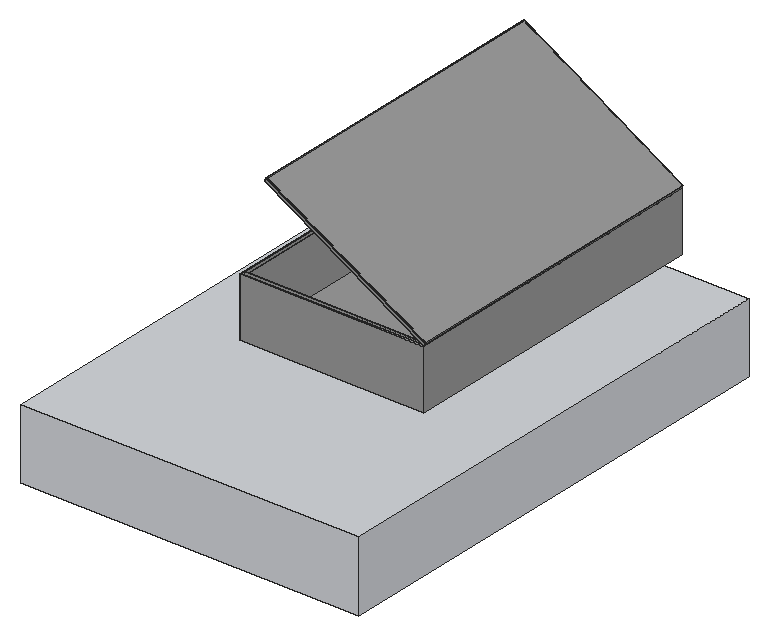
Revit family "Hager-Univers-IP55-D275-H1400-Cl.I-Steel_encl-CH-it", category Equipement électrique, Revit 2020
Family settings
  Hôte = Face
  Configuration du panneau = Deux colonnes, circuits au sein
  Cote de connecteur circulaire = Utiliser le diamètre
  Type d'élément = Tableau de raccordement
  Couper avec des vides une fois chargée = Non
  Partagée = Non
  Point de calcul de pièce = Non
Parameters (values of type "A parete IP55 L800 A1400 P275  - FR93E")
  Width Control [instance] = if([EF000008 - Larghezza] > Min Width, [EF000008 - Larghezza], Min Width)  # 800 mm
  Commentaires du type = [HG000003 - Gamma]  # "Univers"
  Thickness Door [instance] = if([EF009171 - spessore materiale porta/coperchio] > 3 mm, 3 mm, [EF009171 - spessore materiale porta/coperchio])  # 1.5 mm
  Seal Frame Offset [instance] = 17 mm  # constant formula
  Plinth Visibility [instance] = [HG000027 - Altezza dello zoccolo] > 0 mm  # no
  Model = ""
  Min Width [instance] = 100 mm  # constant formula
  Min Height [instance] = 100 mm  # constant formula
  Min Depth [instance] = (2 * [EF009170 - spessore materiale scatola]) + 1 mm  # 4 mm
  Internal Frame Depth [instance] = (Door System Depth * 0.5)  # 9 mm
  Height Control [instance] = if([EF000040 - Altezza] > Min Height, [EF000040 - Altezza], Min Height)  # 1400 mm
  HG000027 - Altezza dello zoccolo = 0 mm
  HG000026 - A pavimento = no
  HG000024 - Altezza della sezione inferiore = 800 mm
  HG000023 - Custodia a doppia sezione = no
  HG000016 - Visibilità delle porte nella vista 3D [instance] = yes
  HG000015 - Visibilità attraverso la porta [instance] = no
  HG000014 - Porta destra [instance] = yes
  HG000013 - Porta sinistra [instance] = not([HG000014 - Porta destra])  # no
  HG000012 - Angolo di apertura della porta [instance] = 30.00°
  HG000010 - Porte asimmetriche = no
  HG000009 - Porta doppia a battente = no
  HG000006 - Ad incasso = no
  HG000004 - Codice produttore = "FR93E"
  HG000003 - Gamma = "Univers"
  HG000002 - Con porta = yes
  Frame Offset Bottom [instance] = 10 mm  # constant formula
  Frame Offset [instance] = 15 mm  # constant formula
  EF015940 - Coprire con rilascio di sovrapressione = no
  EF011959 - tipo di protezione (NEMA) = ""
  EF009554 - numero delle aperture per la piastra della flangia = 6
  Fabricant = "Hager"  # constant formula
  EF009212 - esecuzione coperchio = "EV000116 - chiuso"
  EF009171 - spessore materiale porta/coperchio = 1.5 mm
  EF009170 - spessore materiale scatola = 1.5 mm
  EF008873 - corrente nominale (In) = 800 A
  EF007800 - adatto per parafulmine = no
  EF006306 - con serratura = no
  EF006244 - coperchio/porta trasparente = no
  EF005474 - grado di protezione (IP) = "EV006420 - IP55"
  EF004464 - tipo di porta = "EV002646 - singolo"
  EF004427 - numero di moduli = 324
  EF004293 - resistenza agli urti = "EV008784 - IK10"
  EF003532 - adatto per uso esterno = no
  EF002950 - Numero moduli DIN = 24
  EF001613 - Integrità del circuito = "EV000494 - senza"
  EF001596 - Attacco Lampada = "EV000179 - acciaio"
  EF001131 - profondità interna = 275 mm
  EF001088 - possibilità di applicazione = yes
  EF000437 - numero di ingressi per conduttori = 6
  EF000339 - tipo di copertura = "EV004216 - porta"
  EF000266 - numero di file = 9
  EF000218 - profondità di incasso = 0 mm
  EF000118 - con piastra di montaggio = no
  EF000116 - numero RAL = "7035"
  EF000049 - profondità = 275 mm
  EF000040 - Altezza = 1400 mm
  EF000008 - Larghezza = 800 mm
  EF000007 - colore = "EV000270 - grigio"
  EF000003 - Tipo di montaggio = "EV000384 - A parete"
  Door System Leaf Tolerance [instance] = 1.5 mm  # constant formula
  Door System Depth [instance] = 18 mm  # constant formula
  Door Height [instance] = Height Control - [HG000027 - Altezza dello zoccolo]  # 1400 mm
  Depth Control [instance] = if([EF000049 - profondità] > Min Depth, [EF000049 - profondità], Min Depth)  # 275 mm
  Default Elevation = 0 mm
  Connector Offset [instance] = Height Control / 2  # 700 mm
  Bottom Top Plate Trim [instance] = 1.5 mm  # constant formula
  Plinth height Ctrl [instance] = if([HG000027 - Altezza dello zoccolo] > 0 mm, [HG000027 - Altezza dello zoccolo], 12 mm)  # 12 mm
Types (5, lengths in mm): name | Width Control | HG000010 - Porte asimmetriche | HG000009 - Porta doppia a battente | HG000004 - Codice produttore | EF009554 - numero delle aperture per la piastra della flangia | EF004464 - tipo di porta | EF004427 - numero di moduli | EF000437 - numero di ingressi per conduttori | EF000008 - Larghezza
  A parete IP55 L1050 A1400 P275  - FR94E | 1050 | no | yes | "FR94E" | 8 | "EV003602 - doppio" | 432 | 8 | 1050
  A parete IP55 L1300 A1400 P275  - FR95E | 1300 | yes | yes | "FR95E" | 10 | "EV003602 - doppio" | 540 | 10 | 1300
  A parete IP55 L300 A1400 P275  - FR91E | 300 | no | no | "FR91E" | 2 | "EV002646 - singolo" | 108 | 2 | 300
  A parete IP55 L550 A1400 P275  - FR92E | 550 | no | no | "FR92E" | 4 | "EV002646 - singolo" | 216 | 4 | 550
  A parete IP55 L800 A1400 P275  - FR93E | 800 | no | no | "FR93E" | 6 | "EV002646 - singolo" | 324 | 6 | 800
Reference planes
  plane 1 "Center (Front/Back)": y = 0
  plane 2: z = 0
  plane 3 "Center (Left/Right)": x = 0
  plane 4: z = 275
  plane 5: y = 1.5
  plane 6: y = 700
  plane 7: y = 0
  plane 8: y = 1400
  plane 9: z = 0
  plane 10: x = -385
  plane 11: x = 385
  plane 12: x = 383.5
  plane 13: x = -383.5
  plane 14: y = 1398.5
  plane 15: x = -383
  plane 16: x = -400
  plane 17: x = 383
  plane 18: x = 400
  plane 19: x = 398.5
  plane 20: x = -398.5
  plane 21: y = 11.5
  plane 22: y = 1400
  plane 23: y = 1383.5
  plane 24: z = 257
  plane 25: z = 1.5
  plane 26: z = 255.5
  plane 27: z = 273.5
Forms (mm)
  Extrusion 1, solid
    sketch origin (0, 0, 0) x (1, 0, 0) y (0, 1, 0)
      loop
        line (-702.964, 1305) -> (-702.964, -811.445) -> (766.763, -811.445) -> (766.763, 1305) -> (-702.964, 1305)
    from 0 to -304.8
  Extrusion 2, solid, material "Hager_Steel_RAL7035_Light_Grey", visible <- "Plinth Visibility", detail levels medium+fine
    sketch origin (0, 0, 0) x (1, 0, 0) y (0, 1, 0)
      loop
        line (-400, 0) -> (400, 0) -> (400, 12) -> (-400, 12) -> (-400, 0)
    from 0 to 257
  Extrusion 3, solid, material "Hager_Steel_RAL7035_Light_Grey", detail levels medium+fine
    sketch origin (0, 0, 0) x (1, 0, 0) y (0, 1, 0)
      loop
        line (-400, 0) -> (400, 0) -> (400, 1400) -> (-400, 1400) -> (-400, 0)
    from 0 to 257
  Extrusion 4, void
    sketch origin (0, 0, 0) x (1, 0, 0) y (0, 1, 0)
      loop
        line (-398.5, 1.5) -> (398.5, 1.5) -> (398.5, 1398.5) -> (-398.5, 1398.5) -> (-398.5, 1.5)
    from 1.5 to 255.5
  Extrusion 5, void
    sketch origin (-381.607, -4572, 257) x (0, -1, 0) y (-1, 0, 0)
      loop
        line (-4583.5, 1.893) -> (-5955.5, 1.893) -> (-5955.5, -765.107) -> (-4583.5, -765.107) -> (-4583.5, 1.893)
    from 0 to 1.5 <- "EF009170 - spessore materiale scatola"
  Extrusion 6, solid, material "Hager_Steel_RAL7035_Light_Grey", detail levels fine
    sketch origin (0, 0, 257) x (1, 0, 0) y (0, 1, 0)
      loop
        line (-383.5, 1383.5) -> (-383.5, 11.5) -> (383.5, 11.5) -> (383.5, 1383.5) -> (-383.5, 1383.5)
      loop
        line (-385, 10) -> (385, 10) -> (385, 1385) -> (-385, 1385) -> (-385, 10)
    from 0 to 9 <- "Internal Frame Depth"
  Extrusion 7, solid, material "Hager_Steel_RAL7035_Light_Grey", detail levels coarse
    sketch origin (0, 0, 0) x (1, 0, 0) y (0, 1, 0)
      loop
        line (-400, 0) -> (400, 0) -> (400, 1400) -> (-400, 1400) -> (-400, 0)
    from 0 to 275
  Sweep 8, void
    path in 3D
      loop
        line (-400, 12, 0) -> (400, 12, 0) -> (400, 12, 257) -> (-400, 12, 257) -> (-400, 12, 0)
    profile origin (-400, 12, 128.5) x (-1, 0, 0) y (0, -1, 0)
      loop
        line (0, 0) -> (0, 1.5) -> (-1.5, 1.5)
        arc (-1.5, 1.5) -> (-1.061, 0.439) -> (0, 0) r 1.5
Cuts and joins
  Extrusion 4, Extrusion 5 cuts Extrusion 3
  Sweep 8 cuts Extrusion 2
Lines and regions (mm)
  Masking region 1
    outline origin (0, 0, 0) x (1, 0, 0) y (0, 0, 1)
      loop
        line (-400, 275) -> (-400, 0) -> (400, 0) -> (400, 275) -> (-400, 275)
  Masking region 2, detail levels medium+fine
    outline origin (0, 140, 0) x (0, 1, 0) y (0, 0, 1)
      loop
        line (-140, 0) -> (1260, 0) -> (1260, 257) -> (-140, 257) -> (-140, 0)
  Masking region 3, not visible, detail levels medium+fine
    outline origin (0, 297.922, 0) x (0, 1, 0) y (0, 0, 1)
      loop
        line (413.578, 0) -> (453.578, 0) -> (453.578, 263.5)
        arc (453.578, 263.5) -> (450.649, 270.571) -> (443.578, 273.5) r 10
        line (443.578, 273.5) -> (413.578, 273.5) -> (413.578, 0)
  Masking region 4, detail levels coarse
    outline origin (0, 0, 180) x (0, 1, 0) y (0, 0, 1)
      loop
        line (0, -180) -> (1400, -180) -> (1400, 95) -> (0, 95) -> (0, -180)
  Masking region 5, visible <- "Plinth Visibility", detail levels medium+fine
    outline origin (0, 52.24, 12.345) x (0, 0, -1) y (0, 1, 0)
      loop
        line (10.845, -40.24) -> (-243.155, -40.24)
        arc (-243.155, -40.24) -> (-243.594, -41.301) -> (-244.655, -41.74) r 1.5
        line (-244.655, -41.74) -> (-244.655, -52.24) -> (12.345, -52.24) -> (12.345, -41.74)
        arc (12.345, -41.74) -> (11.285, -41.301) -> (10.845, -40.24) r 1.5
  Masking region 6, detail levels medium+fine
    outline origin (-381.607, -4572, 257) x (-1, 0, 0) y (0, -1, 0)
      loop
        line (18.393, -5972) -> (18.393, -4572) -> (-781.607, -4572) -> (-781.607, -5972) -> (18.393, -5972)
  Masking region 7, visible <- "Plinth Visibility", detail levels medium+fine
    outline origin (-381.607, -4727, 257) x (-1, 0, 0) y (0, -1, 0)
      loop
        arc (16.893, -4739) -> (17.332, -4737.939) -> (18.393, -4737.5) r 1.5
        line (18.393, -4737.5) -> (18.393, -4727) -> (-781.607, -4727) -> (-781.607, -4737.5)
        arc (-781.607, -4737.5) -> (-780.546, -4737.939) -> (-780.107, -4739) r 1.5
        line (-780.107, -4739) -> (16.893, -4739)
  Masking region 8, detail levels coarse
    outline origin (-442.548, -4669.526, 257) x (-1, 0, 0) y (0, -1, 0)
      loop
        line (-42.548, -6069.526) -> (-42.548, -4669.526) -> (-842.548, -4669.526) -> (-842.548, -6069.526) -> (-42.548, -6069.526)
  sketch lines
    curve 1: line (-400, 12, 257) -> (-400, 12, 0)
    curve 2: line (400, 12, 257) -> (-400, 12, 257)
    curve 3: line (400, 12, 257) -> (400, 12, 0)
    curve 4: line (-400, 12, 0) -> (400, 12, 0)
Dimensions and locks
  "Depth Control": plane 4 to Extrusion 1
  "HG000027 - Altezza dello zoccolo": plane 1 "Center (Front/Back)" to plane 7
  "EF009170 - spessore materiale scatola": plane 5 to plane 7
  locked: connector elem to plane 3 "Center (Left/Right)"
  equal spacing: plane 8, plane 6, plane 7
  locked: connector elem to plane 6
  "EF009170 - spessore materiale scatola": plane 8 to plane 14
  "EF009170 - spessore materiale scatola": plane 10 to plane 13
  "EF009170 - spessore materiale scatola": plane 12 to plane 11
  "Frame Offset": plane 20 to plane 13
  "Frame Offset": plane 12 to plane 19
  "EF009170 - spessore materiale scatola": plane 16 to plane 20
  "EF009170 - spessore materiale scatola": plane 19 to plane 18
  "Seal Frame Offset": plane 16 to plane 15
  "Seal Frame Offset": plane 17 to plane 18
  "Frame Offset Bottom": plane 21 to plane 5
  "Frame Offset": plane 14 to plane 23
  equal spacing: plane 16, plane 3 "Center (Left/Right)", plane 18
  "Width Control": plane 16 to plane 18
  "EF009170 - spessore materiale scatola": plane 4 to plane 27
  "EF009170 - spessore materiale scatola": plane 24 to plane 26
  "EF009170 - spessore materiale scatola": plane 25 to level
  "Door System Depth": plane 4 to plane 24
  "Height Control": plane 1 "Center (Front/Back)" to Extrusion 7 sketch curve
  "Height Control": Masking region 4 sketch curve to plane 1 "Center (Front/Back)"
  "Height Control": plane 1 "Center (Front/Back)" to plane 22
  "Bottom Top Plate Trim": profile plane to Sweep 8 sketch curve
  "Bottom Top Plate Trim": Sweep 8 sketch curve to profile plane
  "Plinth height Ctrl": plane 1 "Center (Front/Back)" to Extrusion 2 sketch curve
  "Plinth height Ctrl": Masking region 5 sketch curve to plane 1 "Center (Front/Back)"
  "Plinth height Ctrl": plane 1 "Center (Front/Back)" to Masking region 7 sketch curve
  "Thickness Door": Extrusion 6 sketch curve to Extrusion 6 sketch curve  (x3)
  "Thickness Door": cut or joined group of Extrusion 3, Extrusion 4, Extrusion 5 to Extrusion 6 sketch curve
  radius of Masking region 3 sketch curve = 10 mm
  "Bottom Top Plate Trim": radius of Masking region 5 sketch curve  (x2)
  "Bottom Top Plate Trim": radius of Sweep 8 sketch curve
  "Bottom Top Plate Trim": radius of Masking region 7 sketch curve  (x2)
  aligned and locked: plane 2 to Extrusion 1
  aligned and locked: level to Extrusion 1
  aligned and locked: level to Masking region 1 sketch curve
  aligned and locked: Masking region 1 sketch curve to plane 18
  aligned and locked: Masking region 1 sketch curve to plane 16
  aligned and locked: plane 7 to Masking region 2 sketch curve
  aligned and locked: level to Masking region 3 sketch curve
  aligned and locked: Masking region 3 sketch curve to plane 27
  aligned and locked: level to Masking region 2 sketch curve
  aligned and locked: plane 1 "Center (Front/Back)" to Extrusion 2 sketch curve
  aligned and locked: Extrusion 3 sketch curve to plane 7
  aligned and locked: plane 16 to Extrusion 3 sketch curve
  aligned and locked: plane 18 to Extrusion 3 sketch curve
  aligned and locked: plane 20 to Extrusion 4 sketch curve
  aligned and locked: plane 19 to Extrusion 4 sketch curve
  aligned and locked: Extrusion 4 sketch curve to plane 5
  aligned and locked: Extrusion 4 to plane 25
  aligned and locked: plane 26 to Extrusion 4
  aligned and locked: plane 24 to Extrusion 3
  aligned and locked: Extrusion 5 sketch curve to plane 21
  aligned and locked: Extrusion 5 sketch curve to plane 13
  aligned and locked: Extrusion 5 sketch curve to plane 12
  aligned and locked: plane 18 to Extrusion 7 sketch curve
  aligned and locked: plane 1 "Center (Front/Back)" to Extrusion 7 sketch curve
  aligned and locked: plane 16 to Extrusion 7 sketch curve
  aligned and locked: plane 4 to Extrusion 7
  aligned and locked: Extrusion 7 to level
  aligned and locked: level to Masking region 4 sketch curve
  aligned and locked: Masking region 4 sketch curve to plane 1 "Center (Front/Back)"
  aligned and locked: Masking region 4 sketch curve to plane 4
  aligned and locked: nested 1 to level
  aligned and locked: nested 1 to plane 16
  aligned and locked: plane 8 to Extrusion 3 sketch curve
  aligned and locked: plane 23 to Extrusion 5 sketch curve
  aligned and locked: plane 14 to Extrusion 4 sketch curve
  aligned and locked: Masking region 2 sketch curve to plane 8
  aligned and locked: level to Masking region 5 sketch curve
  aligned and locked: plane 16 to Extrusion 2 sketch curve
  aligned and locked: plane 18 to Extrusion 2 sketch curve
  aligned and locked: Masking region 5 sketch curve to plane 24
  aligned and locked: Masking region 2 sketch curve to plane 24
  aligned and locked: plane 24 to Extrusion 2
  aligned and locked: profile plane to Sweep 8 sketch curve  (x2)
  aligned and locked: Masking region 6 sketch curve to plane 18
  aligned and locked: Masking region 6 sketch curve to plane 22
  aligned and locked: Masking region 6 sketch curve to plane 16
  aligned and locked: plane 8 to plane 22
  aligned and locked: Masking region 6 sketch curve to plane 7
  aligned and locked: Masking region 7 sketch curve to plane 16
  aligned and locked: Masking region 7 sketch curve to plane 1 "Center (Front/Back)"
  aligned and locked: Masking region 7 sketch curve to plane 18
  aligned and locked: Masking region 8 sketch curve to plane 1 "Center (Front/Back)"
  aligned and locked: Masking region 8 sketch curve to plane 18
  aligned and locked: Masking region 8 sketch curve to plane 22
  aligned and locked: Masking region 8 sketch curve to plane 16
  aligned and locked: nested 2 to plane 7
  aligned and locked: plane 3 "Center (Left/Right)" to nested 2
  aligned and locked: nested 2 to plane 24
  aligned and locked: Extrusion 6 sketch curve to cut or joined group of Extrusion 3, Extrusion 4, Extrusion 5  (x4)
Automatic sketch dimensions
  Extrusion 1 sketch curve to Extrusion 1 sketch curve = 1469.727 mm
  Extrusion 1 sketch curve to Extrusion 1 sketch curve = 2116.445 mm
  Masking region 1 sketch curve to plane 4 = 0 mm
  plane 6 to Masking region 3 sketch curve = 11.5 mm
  Masking region 3 sketch curve to Masking region 3 sketch curve = 30 mm
  Masking region 5 sketch curve to plane 1 "Center (Front/Back)" = 0 mm
Nested families
  nested 1: "Hager_Enclosure_Symbol" at (-400, 0, 0) x (1, 0, 0) z (0, -1, 0), Height <- "Depth Control", Width <- "Width Control", type "Hager_Enclosure_Symbol"
    with Width_Ctrl 800 mm, Width 800 mm, Height_Ctrl 275 mm, Height 275 mm, A_Width_Int 18.047 mm, A_Width 216.562 mm, A_Height_Ctrl 240.625 mm, A_Height 240.625 mm
  nested 2: "EC000058_Univers_Door" at (0, 0, 257) x (1, 0, 0) z (0, 1, 0), Leaf_Tolerance <- "Door System Leaf Tolerance", Angle <- "HG000012 - Angolo di apertura della porta", Door_Depth <- "Door System Depth", Door_Left <- "HG000013 - Porta sinistra", Transparent <- "EF006244 - coperchio/porta trasparente", Assymetrical <- "HG000010 - Porte asimmetriche", Width <- "Width Control", Clearance <- "HG000015 - Visibilità attraverso la porta", Double <- "HG000009 - Porta doppia a battente", 3d_Door <- "HG000016 - Visibilità delle porte nella vista 3D", Lock_Visibility <- "EF006306 - con serratura", Width_Ctrl <- "Width Control", Door_Right <- "HG000014 - Porta destra", Door <- "HG000002 - Con porta", Height <- "Door Height", Thickness <- "Thickness Door", type "EC000058_Univers_Door", detail levels medium+fine
    with min_wh 4 mm, Width_Ctrl 800 mm, Width 800 mm, Transparent no, Thickness 1.5 mm, Seal_Material Hager_Rubber, Lock_Visibility no, Lock_Material Hager_Plastic_RAL9005_Jet_Black, Leaf_Width 800 mm, Leaf_Tolerance_External_Sides 0 mm, Leaf_Tolerance 1.5 mm, Leaf_Offset 0 mm, Leaf_Height 1397 mm, Leaf_2_Width 800 mm, Leaf_2_Offset 400 mm, Leaf_1_Width 800 mm, Leaf_1_Offset 400 mm, Height_Ctrl 1400 mm, Height 1400 mm, Glass_Material Hager_Glass, Double_Clearance_Ctrl no, Double no, Door_Right_Ctrl yes, Door_Right yes, Door_Material Hager_Steel_RAL7035_Light_Grey, Door_Left_Ctrl no, Door_Left no, Door_Depth 18 mm, Door yes, Clearance_Material Hager_Clearance, Clearance_Depth 800 mm, Clearance_Ctrl no, Clearance no, Assymetrical no, Angle 30.00°, 3d_Door yes
Connectors
  electrical at (0, 700, 0)
    settings: on plane 9, index 1, voltage 0 V, apparent load 0 VA, apparent load phase1 0 VA, apparent load phase2 0 VA, apparent load phase3 0 VA, power factor 1, load classification "Other", number of poles 1, system type 30, power factor state 1, is connector primary yes, connector utility no, sub classification motor no, connector description ""
Definition of nested family "EC000058_Univers_Door"
  Parameters (values of type "EC000058_Univers_Door")
    min_wh [instance] = (2 * Thickness) + 1 mm  # 11 mm
    Width_Ctrl [instance] = 400 mm
    Width [instance] = 500 mm
    Transparent [instance] = yes
    Thickness [instance] = 5 mm
    Seal_Material [instance] = none
    Lock_Visibility [instance] = yes
    Lock_Material [instance] = none
    Leaf_Width [instance] = if((Width_Ctrl - 2 * Leaf_Tolerance_External_Sides) > 0 mm, (Width_Ctrl - 2 * Leaf_Tolerance_External_Sides), min_wh)  # 400 mm
    Leaf_Tolerance_External_Sides [instance] = 0 mm  # constant formula
    Leaf_Tolerance [instance] = 1.5 mm
    Leaf_Offset [instance] = 0 mm  # constant formula
    Leaf_Height [instance] = if((Height_Ctrl - 2 * Leaf_Tolerance) > 0 mm, (Height_Ctrl - 2 * Leaf_Tolerance), min_wh)  # 497 mm
    Leaf_2_Width [instance] = if(and(and(Double, Assymetrical), Door_Left), (Leaf_Width / 3) - (Leaf_Tolerance / 2), if(and(and(Double, Assymetrical), Door_Right), (Leaf_Width / 3) * 2 - (Leaf_Tolerance / 2), if(and(Double, not(Assymetrical)), (Leaf_Width / 2) - Leaf_Tolerance, Leaf_Width)))  # 400 mm
    Leaf_2_Offset [instance] = if(and(Double, Assymetrical), Leaf_2_Width / 2, if(and(Double, not(Assymetrical)), Leaf_Width / 4, Leaf_Width / 2))  # 200 mm
    Leaf_1_Width [instance] = if(and(and(Double, Assymetrical), Door_Right), (Leaf_Width / 3) - (Leaf_Tolerance / 2), if(and(and(Double, Assymetrical), Door_Left), (Width / 3) * 2 - (Leaf_Tolerance / 2), if(and(Double, not(Assymetrical)), (Leaf_Width / 2) - Leaf_Tolerance, Leaf_Width)))  # 400 mm
    Leaf_1_Offset [instance] = if(and(Double, Assymetrical), Leaf_1_Width / 2, if(and(Double, not(Assymetrical)), Leaf_Width / 4, Leaf_Width / 2))  # 200 mm
    Height_Ctrl [instance] = if(Height > min_wh, Height, min_wh)  # 500 mm
    Height [instance] = 500 mm
    Glass_Material [instance] = none
    Double_Clearance_Ctrl [instance] = and(Double, Clearance)  # no
    Double [instance] = no
    Door_Right_Ctrl [instance] = and(or(Door_Right, Double), Door)  # yes
    Door_Right [instance] = yes
    Door_Material [instance] = none
    Door_Left_Ctrl [instance] = and(or(Door_Left, Double), Door)  # no
    Door_Left [instance] = no
    Door_Depth [instance] = 30 mm
    Door [instance] = yes
    Default Elevation = 1219.2 mm
    Clearance_Material [instance] = none
    Clearance_Depth [instance] = if(Leaf_1_Width > Leaf_2_Width, Leaf_1_Width, Leaf_2_Width)  # 400 mm
    Clearance_Ctrl [instance] = and(not(Double), Clearance)  # yes
    Clearance [instance] = yes
    Assymetrical [instance] = yes
    Angle [instance] = 30.00°
    3d_Door [instance] = yes
  Reference planes
    plane 1 "Center (Front/Back)": y = 0
    plane 2 "Bottom": z = 0
    plane 3 "Center (Left/Right)": x = 0
    plane 4: z = 500
    plane 5: x = -200
    plane 6: x = 200
    plane 7: z = 500
    plane 8: x = -200
    plane 9: z = 0
    plane 10: x = 200
    plane 11: y = 0
    plane 12: z = 1.5
    plane 13: x = -600
    plane 14: y = -400
    plane 15: x = 600
    plane 16: x = 0
    plane 17: x = 0
    plane 18: x = -200
    plane 19: x = 200
    plane 20: z = 498.5
  Forms (mm)
    Extrusion 1, solid, material <- "Clearance_Material", visible <- "Double_Clearance_Ctrl"
      sketch origin (1200, 0, 0) x (1, 0, 0) y (0, 0, -1)
        loop
          line (-1800, -498.5) -> (-600, -498.5) -> (-600, 0) -> (-1800, 0) -> (-1800, -498.5)
      from 0 to -400
  Dimensions and locks
    equal spacing: plane 5, plane 3 "Center (Left/Right)", plane 6
    "Width_Ctrl": plane 5 to plane 6
    "Leaf_Offset": plane 5 to plane 8
    "Leaf_Offset": plane 6 to plane 10
    "Leaf_Offset": plane 9 to level
    "Leaf_Offset": plane 4 to plane 7
    "Height_Ctrl": plane 4 to level
    "Leaf_Tolerance": plane 12 to plane 9
    locked: plane 11 to plane 1 "Center (Front/Back)"
    "Leaf_1_Offset": plane 18 to plane 16
    "Leaf_2_Offset": plane 17 to plane 19
    "Leaf_1_Width": plane 13 to plane 8
    "Leaf_2_Width": plane 10 to plane 15
    "Clearance_Depth": plane 14 to plane 1 "Center (Front/Back)"
    "Leaf_Tolerance_External_Sides": plane 8 to plane 18
    "Leaf_Tolerance_External_Sides": plane 19 to plane 10
    "Leaf_Tolerance": plane 7 to plane 20
    aligned and locked: level to plane 2 "Bottom"
    aligned and locked: nested 1 to plane 16
    aligned and locked: nested 2 to plane 17
    aligned and locked: Extrusion 1 to plane 13
    aligned and locked: plane 15 to Extrusion 1
    aligned and locked: Extrusion 1 to plane 14
    aligned and locked: plane 12 to nested 1
    aligned and locked: nested 2 to plane 12
    aligned and locked: Extrusion 1 to plane 11
    aligned and locked: plane 20 to Extrusion 1
    aligned and locked: nested 2 to plane 11
    aligned and locked: nested 1 to plane 11
  Automatic sketch dimensions
    Extrusion 1 sketch curve to level = 0 mm
    plane 5 to Extrusion 1 sketch curve = 400 mm
    plane 6 to Extrusion 1 sketch curve = 400 mm
    Extrusion 1 sketch curve to plane 4 = 1.5 mm
  Nested families
    nested 1: "EC000058_Univers_Door_Leaf" at (0, 0, 1.5), Width <- "Leaf_1_Width", visible <- "Door_Left_Ctrl", Leaf_Height <- "Leaf_Height", Angle <- "Angle", 3d_Door <- "3d_Door", Transparent <- "Transparent", Clearance Material <- "Clearance_Material", Clearance <- "Clearance_Ctrl", Door_Material <- "Door_Material", Glass_Material <- "Glass_Material", Door_Depth <- "Door_Depth", Lock_Material <- "Lock_Material", Seal_Material <- "Seal_Material", Lock_Visibility <- "Lock_Visibility", Thickness <- "Thickness", type "EC000058_Univers_Door_Leaf"
      with Width 400 mm, Transparent_Glass_Offset 30 mm, Transparent_Ctrl yes, Transparent yes, Thickness 5 mm, Standard no, Seal_Material none, Seal_D2 8 mm, Seal_D1 1 mm, Offset_Internal_Frame 10 mm, Lock_Width 20 mm, Lock_Visibility_3d yes, Lock_Visibility yes, Lock_Thickness_3 3 mm, Lock_Thickness_2 1 mm, Lock_Thickness_1 3 mm, Lock_Radius_Offset_2 16 mm, Lock_Radius_Offset_1 15 mm, Lock_Radius_2 5 mm, Lock_Radius 6 mm, Lock_Offset 5 mm, Lock_Material none, Lock_Height 80 mm, Lock_Cover_Top_Offset_2d 17 mm, Lock_Cover_Height -65 mm, Leaf_Height 497 mm, Internal_Seal_Thickness 8 mm, Internal_Seal_Depth_2 4.5 mm, Internal_Frame_Depth 25 mm, Glass_Thickness -1 mm, Glass_Offset -2 mm, Glass_Material none, Door_Material none, Door_Depth 30 mm, Clearance Material none, Clearance yes, Angle_Ctrl 30.00°, Angle 30.00°, 3d_Door yes
    nested 2: "EC000058_Univers_Door_Leaf" at (0, 0, 1.5) x (-1, 0, 0) z (0, 0, 1), Width <- "Leaf_2_Width", visible <- "Door_Right_Ctrl", Leaf_Height <- "Leaf_Height", Angle <- "Angle", 3d_Door <- "3d_Door", Transparent <- "Transparent", Clearance Material <- "Clearance_Material", Clearance <- "Clearance_Ctrl", Door_Material <- "Door_Material", Glass_Material <- "Glass_Material", Door_Depth <- "Door_Depth", Lock_Material <- "Lock_Material", Seal_Material <- "Seal_Material", Lock_Visibility <- "Lock_Visibility", Thickness <- "Thickness", type "EC000058_Univers_Door_Leaf"
      with Width 400 mm, Transparent_Glass_Offset 30 mm, Transparent_Ctrl yes, Transparent yes, Thickness 5 mm, Standard no, Seal_Material none, Seal_D2 8 mm, Seal_D1 1 mm, Offset_Internal_Frame 10 mm, Lock_Width 20 mm, Lock_Visibility_3d yes, Lock_Visibility yes, Lock_Thickness_3 3 mm, Lock_Thickness_2 1 mm, Lock_Thickness_1 3 mm, Lock_Radius_Offset_2 16 mm, Lock_Radius_Offset_1 15 mm, Lock_Radius_2 5 mm, Lock_Radius 6 mm, Lock_Offset 5 mm, Lock_Material none, Lock_Height 80 mm, Lock_Cover_Top_Offset_2d 17 mm, Lock_Cover_Height -65 mm, Leaf_Height 497 mm, Internal_Seal_Thickness 8 mm, Internal_Seal_Depth_2 4.5 mm, Internal_Frame_Depth 25 mm, Glass_Thickness -1 mm, Glass_Offset -2 mm, Glass_Material none, Door_Material none, Door_Depth 30 mm, Clearance Material none, Clearance yes, Angle_Ctrl 30.00°, Angle 30.00°, 3d_Door yes
  Definition of nested family "EC000058_Univers_Door_Leaf"
    Parameters (values of type "EC000058_Univers_Door_Leaf")
      Width [instance] = 2000 mm
      Transparent_Glass_Offset [instance] = 30 mm
      Transparent_Ctrl [instance] = and(Transparent, [3d_Door])  # yes
      Transparent [instance] = yes
      Thickness [instance] = 5 mm
      Standard [instance] = and(not(Transparent), [3d_Door])  # no
      Seal_Material [instance] = none
      Seal_D2 [instance] = 8 mm  # constant formula
      Seal_D1 [instance] = 1 mm  # constant formula
      Offset_Internal_Frame [instance] = 10 mm  # constant formula
      Lock_Width [instance] = 20 mm  # constant formula
      Lock_Visibility_3d [instance] = and(Lock_Visibility, [3d_Door])  # yes
      Lock_Visibility [instance] = yes
      Lock_Thickness_3 [instance] = 3 mm  # constant formula
      Lock_Thickness_2 [instance] = 1 mm  # constant formula
      Lock_Thickness_1 [instance] = 3 mm  # constant formula
      Lock_Radius_Offset_2 [instance] = Lock_Radius_Offset_1 + 1 mm  # 16 mm
      Lock_Radius_Offset_1 [instance] = 15 mm  # constant formula
      Lock_Radius_2 [instance] = Lock_Radius - 1 mm  # 5 mm
      Lock_Radius [instance] = 6 mm  # constant formula
      Lock_Offset [instance] = 5 mm  # constant formula
      Lock_Material [instance] = none
      Lock_Height [instance] = 80 mm  # constant formula
      Lock_Cover_Top_Offset_2d [instance] = Lock_Radius_Offset_2 + 1 mm  # 17 mm
      Lock_Cover_Height [instance] = -(Lock_Height - Lock_Radius_Offset_1)  # -65 mm
      Leaf_Height [instance] = 2720.336 mm
      Internal_Seal_Thickness [instance] = 8 mm  # constant formula
      Internal_Seal_Depth_2 [instance] = 4.5 mm  # constant formula
      Internal_Frame_Depth [instance] = if(Door_Depth - Thickness > 5 mm, Door_Depth - Thickness, 5 mm)  # 25 mm
      Glass_Thickness [instance] = if(Thickness > 15 mm, Glass_Offset + 10 mm, -1 mm)  # -1 mm
      Glass_Offset [instance] = if(Thickness > 15 mm, -(Thickness + 10 mm) / 2, -2 mm)  # -2 mm
      Glass_Material [instance] = none
      Door_Material [instance] = none
      Door_Depth [instance] = 30 mm
      Default Elevation = 0 mm
      Clearance Material [instance] = none
      Clearance [instance] = yes
      Angle_Ctrl [instance] = if(Angle > 180.00°, 180.00°, Angle)  # 90.00°
      Angle [instance] = 90.00°
      3d_Door [instance] = yes
    Reference planes
      plane 1 "Center (Front/Back)": y = 0
      plane 2: z = 0
      plane 3 "Center (Left/Right)": x = 0
      plane 4: y = 2000
      plane 5: x = -1000
      plane 6: x = 1000
      plane 7: x = -3000
      plane 8: z = 2720.336
      plane 9: z = 30
      plane 10: z = 2690.336
      plane 11: x = 970
      plane 12: x = -970
      plane 13: y = -3
      plane 14: z = 107.833
      plane 15: y = -5
      plane 16: y = -223.314
      plane 17: x = -1000
      plane 18: z = 1360.168
      plane 19: y = 30
    Forms (mm)
      Extrusion 1, solid, material <- "Clearance Material", visible <- "Clearance"
        sketch origin (0, 0, 0) x (1, 0, 0) y (0, 0, 1)
          loop
            line (-3000, 2720.336) -> (-3000, 0) -> (1000, 0) -> (1000, 2720.336) -> (-3000, 2720.336)
        from 0 to -2000
      Extrusion 2, solid, material <- "Door_Material", visible <- "Standard", detail levels medium+fine
        sketch origin (-1000, 0, 0) x (0, 1, 0) y (-1, 0, 0)
          loop
            line (0, 30) -> (0, 25) -> (2000, 25) -> (2000, 30) -> (0, 30)
        from 0 to 2720.336 <- "Leaf_Height"
      Extrusion 3, solid, material <- "Door_Material", visible <- "Transparent_Ctrl", detail levels medium+fine
        sketch origin (-1000, 0, 0) x (0, 1, 0) y (-1, 0, 0)
          loop
            line (0, 25) -> (2000, 25) -> (2000, 30) -> (0, 30) -> (0, 25)
        from 0 to 2720.336 <- "Leaf_Height"
      Extrusion 4, void
        sketch origin (-1025, 2000, 0) x (0, 1, 0) y (0, 0, -1)
          loop
            line (-30, -2690.336) -> (-30, -30) -> (-1970, -30) -> (-1970, -2690.336) -> (-30, -2690.336)
        from 0 to 5 <- "Thickness"
      Sweep 5, solid, material <- "Seal_Material", visible <- "Transparent_Ctrl", detail levels fine
        path in 3D
          loop
            line (-1025, 30, 30) -> (-1025, 30, 2690.336) -> (-1025, 1970, 2690.336) -> (-1025, 1970, 30) -> (-1025, 30, 30)
        profile origin (-1025, 1000, 30) x (1, 0, 0) y (0, 0, 1)
          loop
            line (0, 0) -> (0, -8) -> (1, -8) -> (1, 0) -> (0, 0)
      Extrusion 6, solid, material <- "Glass_Material", visible <- "Transparent_Ctrl", detail levels medium+fine
        sketch origin (-1030, 0, 0) x (0, 1, 0) y (0, 0, -1)
          loop
            line (1970, -2690.336) -> (1970, -30) -> (30, -30) -> (30, -2690.336) -> (1970, -2690.336)
        from -2 <- "Glass_Offset" to -1 <- "Glass_Thickness"
      Extrusion 7, solid, material <- "Door_Material", visible <- "3d_Door", detail levels medium+fine
        sketch origin (-1025, 2000, 0) x (0, -1, 0) y (0, 0, -1)
          loop
            line (0, -2720.336) -> (2000, -2720.336) -> (2000, 0) -> (0, 0) -> (0, -2720.336)
          loop
            line (1995, -5) -> (5, -5) -> (5, -2715.336) -> (1995, -2715.336) -> (1995, -5)
        from 0 to 25 <- "Internal_Frame_Depth"
      Sweep 8, solid, material <- "Seal_Material", visible <- "Transparent_Ctrl", detail levels fine
        path in 3D
          loop
            line (-1025, 0, 0) -> (-1025, 2000, 0) -> (-1025, 2000, 2720.336) -> (-1025, 0, 2720.336) -> (-1025, 0, 0)
        profile origin (-1025, 0, 1360.168) x (1, 0, 0) y (0, 1, 0)
          loop
            line (0, 10) -> (2.975, 10)
            arc (2.975, 10) -> (4.053, 10.447) -> (4.5, 11.525) r 1.525
            line (4.5, 11.525) -> (4.5, 16.527)
            arc (4.5, 16.527) -> (4.069, 17.569) -> (3.027, 18) r 1.473
            line (3.027, 18) -> (0, 18) -> (0, 10)
      Extrusion 9, solid, material <- "Lock_Material", visible <- "Lock_Visibility_3d", detail levels fine
        sketch origin (-1030, 0, 0) x (0, 1, 0) y (0, 0, -1)
          loop
            arc (1993.5, -1400.168) -> (1994.561, -1399.729) -> (1995, -1398.668) r 1.5
            line (1995, -1398.668) -> (1995, -1320.168) -> (1975, -1320.168) -> (1975, -1398.668)
            arc (1975, -1398.668) -> (1975.439, -1399.729) -> (1976.5, -1400.168) r 1.5
            line (1976.5, -1400.168) -> (1993.5, -1400.168)
        from 3 <- "Lock_Thickness_1" to 0
      Blend 10, solid, material <- "Lock_Material", visible <- "Lock_Visibility_3d", detail levels fine
        base sketch origin (-1033, 0, 0) x (0, 1, 0) y (0, 0, -1)
          loop
            line (1975, -1320.168) -> (1975, -1398.668)
            arc (1975, -1398.668) -> (1975.439, -1399.729) -> (1976.5, -1400.168) r 1.5
            line (1976.5, -1400.168) -> (1993.5, -1400.168)
            arc (1993.5, -1400.168) -> (1994.561, -1399.729) -> (1995, -1398.668) r 1.5
            line (1995, -1398.668) -> (1995, -1320.168) -> (1975, -1320.168)
        top sketch origin (-1033, 0, 0) x (0, 1, 0) y (0, 0, -1)
          loop
            line (1976, -1320.168) -> (1976, -1398.668)
            arc (1976, -1398.668) -> (1976.146, -1399.022) -> (1976.5, -1399.168) r 0.5
            line (1976.5, -1399.168) -> (1993.5, -1399.168)
            arc (1993.5, -1399.168) -> (1993.854, -1399.022) -> (1994, -1398.668) r 0.5
            line (1994, -1398.668) -> (1994, -1320.168) -> (1976, -1320.168)
        from 0 to 1 <- "Lock_Thickness_2"
      Blend 11, solid, material <- "Lock_Material", visible <- "Lock_Visibility_3d", detail levels fine
        base sketch origin (-1034, 0, 0) x (0, 1, 0) y (0, 0, -1)
          loop
            line (1978, -1320.168) -> (1978, -1384.168)
            arc (1978, -1384.168) -> (1985, -1391.168) -> (1992, -1384.168) r 7
            line (1992, -1384.168) -> (1992, -1320.168) -> (1978, -1320.168)
        top sketch origin (-1034, 0, 0) x (0, 1, 0) y (0, 0, -1)
          loop
            line (1991, -1320.168) -> (1979, -1320.168) -> (1979, -1383.168)
            arc (1979, -1383.168) -> (1985, -1389.168) -> (1991, -1383.168) r 6
            line (1991, -1383.168) -> (1991, -1320.168)
        from 0 to 3 <- "Lock_Thickness_3"
      Extrusion 12, solid, material <- "Lock_Material", visible <- "Lock_Visibility_3d", detail levels fine
        sketch origin (-1030, 1975, 1320.168) x (1, 0, 0) y (0, -1, 0)
          loop
            line (-7, -19) -> (-7, -1) -> (0, -1) -> (0, 0) -> (-8, 0) -> (-8, -20) -> (0, -20) -> (0, -19) -> (-7, -19)
        from 0 to -65 <- "Lock_Cover_Height"
      Extrusion 13, void
        sketch origin (-1038, 1995, 1320.168) x (-1, 0, 0) y (0, 0, -1)
          loop
            line (-5, -65) -> (0, -65) -> (-5, -60) -> (-5, -65)
        from 0 to 20 <- "Lock_Width"
      Extrusion 14, void
        sketch origin (-1038, 1975, 1320.168) x (0, -1, 0) y (0, 0, -1)
          loop
            circle (-10, -15.995) r 6
          loop
            circle (-10, -15.995) r 5
        from 0 to 2
      Extrusion 15, solid, material <- "Lock_Material", visible <- "Lock_Visibility_3d", detail levels medium
        sketch origin (-1030, 0, 0) x (0, 1, 0) y (0, 0, -1)
          loop
            arc (1993.5, -1400.168) -> (1994.561, -1399.729) -> (1995, -1398.668) r 1.5
            line (1995, -1398.668) -> (1995, -1320.168) -> (1975, -1320.168) -> (1975, -1398.668)
            arc (1975, -1398.668) -> (1975.439, -1399.729) -> (1976.5, -1400.168) r 1.5
            line (1976.5, -1400.168) -> (1993.5, -1400.168)
        from 8 to 0
    Cuts and joins
      Extrusion 4 cuts Extrusion 3
      Extrusion 13, Extrusion 14 cuts Extrusion 9
      Extrusion 14 cuts Blend 11
      Extrusion 13, Extrusion 14 cuts Extrusion 12
      joined: Extrusion 9, Blend 10, Blend 11, Extrusion 12
      Extrusion 14 cuts Extrusion 15
    Lines and regions (mm)
      Masking region 1, visible <- "Lock_Visibility", detail levels fine
        outline origin (0, 0, 0) x (0, 1, 0) y (0, 0, 1)
          loop
            line (30, 1320.168) -> (33, 1320.168) -> (33, 1400.168) -> (30, 1400.168) -> (30, 1320.168)
      Masking region 2, visible <- "Lock_Visibility", detail levels fine
        outline origin (0, 3.143, 0) x (0, 1, 0) y (0, 0, 1)
          loop
            line (29.857, 1354.168) -> (30.857, 1354.168) -> (30.857, 1366.168) -> (29.857, 1366.168) -> (29.857, 1354.168)
      Masking region 3, detail levels medium+fine
        outline origin (0, 0, 0) x (0, 1, 0) y (0, 0, 1)
          loop
            line (0, 0) -> (30, 0) -> (30, 2720.336) -> (0, 2720.336) -> (0, 0)
      Masking region 4, detail levels medium+fine
        outline origin (0, 0, 0) x (1, 0, 0) y (0, 0, 1)
          loop
            line (-1000, 2720.336) -> (-1000, 0) -> (1000, 0) -> (1000, 2720.336) -> (-1000, 2720.336)
      Masking region 5, visible <- "Lock_Visibility", detail levels fine
        outline origin (-47.116, 0, 0) x (1, 0, 0) y (0, 0, 1)
          loop
            arc (1024.616, 1399.168) -> (1023.556, 1398.729) -> (1023.116, 1397.668) r 1.5
            line (1023.116, 1397.668) -> (1023.116, 1320.168) -> (1041.116, 1320.168) -> (1041.116, 1397.668)
            arc (1041.116, 1397.668) -> (1040.677, 1398.729) -> (1039.616, 1399.168) r 1.5
            line (1039.616, 1399.168) -> (1024.616, 1399.168)
      Masking region 6, visible <- "Lock_Visibility", detail levels medium+fine
        outline origin (-25, 0, 0) x (1, 0, 0) y (0, 0, 1)
          loop
            arc (1001.5, 1400.168) -> (1000.439, 1399.729) -> (1000, 1398.668) r 1.5
            line (1000, 1398.668) -> (1000, 1320.168) -> (1020, 1320.168) -> (1020, 1398.668)
            arc (1020, 1398.668) -> (1019.561, 1399.729) -> (1018.5, 1400.168) r 1.5
            line (1018.5, 1400.168) -> (1001.5, 1400.168)
      Masking region 7, visible <- "Lock_Visibility", detail levels fine
        outline origin (-73.735, 0, 0) x (1, 0, 0) y (0, 0, 1)
          loop
            line (1051.735, 1382.168) -> (1065.735, 1382.168) -> (1065.735, 1384.168)
            arc (1065.735, 1384.168) -> (1058.735, 1391.168) -> (1051.735, 1384.168) r 7
            line (1051.735, 1384.168) -> (1051.735, 1382.168)
      Masking region 8, visible <- "Lock_Visibility", detail levels fine
        outline origin (-73.735, 0, 0) x (1, 0, 0) y (0, 0, 1)
          loop
            line (1052.735, 1382.168) -> (1064.735, 1382.168) -> (1064.735, 1383.168)
            arc (1064.735, 1383.168) -> (1058.735, 1389.168) -> (1052.735, 1383.168) r 6
            line (1052.735, 1383.168) -> (1052.735, 1382.168)
      Masking region 9, visible <- "Lock_Visibility", detail levels fine
        outline origin (-25, 0, 0) x (1, 0, 0) y (0, 0, 1)
          loop
            line (1020, 1320.168) -> (1020, 1382.168) -> (1000, 1382.168) -> (1000, 1320.168) -> (1020, 1320.168)
      Masking region 10, detail levels medium+fine
        outline origin (0, 0, 0) x (1, 0, 0) y (0, 0, 1)
          loop
            circle (985, 1335.144) r 6
      Masking region 11, detail levels fine
        outline origin (0, 0, 0) x (1, 0, 0) y (0, 0, 1)
          loop
            circle (985, 1335.144) r 5
      Masking region 12, visible <- "Lock_Visibility", detail levels fine
        outline origin (0, 12.767, 0) x (0, 1, 0) y (0, 0, 1)
          loop
            line (20.233, 1320.168) -> (21.233, 1320.168) -> (21.233, 1399.168) -> (20.233, 1400.168) -> (20.233, 1320.168)
      Masking region 13, visible <- "Lock_Visibility", detail levels fine
        outline origin (0, 13.767, -10) x (0, 1, 0) y (0, 0, 1)
          loop
            line (20.233, 1330.168) -> (23.233, 1330.168) -> (23.233, 1399.168) -> (20.233, 1402.168) -> (20.233, 1330.168)
      Masking region 14, visible <- "Lock_Visibility", detail levels fine
        outline origin (0, 12.767, -10) x (0, 1, 0) y (0, 0, 1)
          loop
            line (20.233, 1330.168) -> (25.233, 1330.168) -> (25.233, 1399.305) -> (20.233, 1394.305) -> (20.233, 1330.168)
      Masking region 15, visible <- "Lock_Visibility", detail levels medium
        outline origin (0, 0, 0) x (0, 1, 0) y (0, 0, 1)
          loop
            line (30, 1320.168) -> (38, 1320.168) -> (38, 1400.168) -> (30, 1400.168) -> (30, 1320.168)
      Masking region 16, visible <- "Lock_Visibility", detail levels fine
        outline origin (-1000, 0, 0) x (0, 1, 0) y (-1, 0, 0)
          loop
            line (1975, 30) -> (1995, 30) -> (1995, 38) -> (1975, 38) -> (1975, 30)
          loop
            line (1979, 37) -> (1976, 37) -> (1976, 34) -> (1978, 34) -> (1979, 37)
          loop
            line (1994, 37) -> (1991, 37) -> (1992, 34) -> (1994, 34) -> (1994, 37)
      Masking region 17, visible <- "Lock_Visibility", detail levels medium
        outline origin (-1000, 0, 0) x (0, 1, 0) y (-1, 0, 0)
          loop
            line (1975, 30) -> (1995, 30) -> (1995, 38) -> (1975, 38) -> (1975, 30)
      symbolic lines
        curve 1: line (1000, 0, 0) -> (-3000, 0, 0)
        curve 2: arc (1000, 0, 0) -> (-1000, 2000, 0) -> (-3000, 0, 0) r 2000
        curve 4: line (-1030, 0, 0) -> (-1030, 2000, 0)
      reference lines
        curve 3: line (-1000, 0, 0) -> (-1000, 2000, 0)
      symbolic lines, detail levels medium+fine
        curve 5: line (-1030, 2000, 0) -> (-1025, 2000, 0)
        curve 7: line (-1025, 0, 0) -> (-1030, 0, 0)
        curve 8: line (-1025, 0, 0) -> (-1000, 0, 0)
        curve 9: line (-1000, 0, 0) -> (-1000, 2000, 0)
        curve 10: line (-1000, 2000, 0) -> (-1025, 2000, 0)
      symbolic lines, detail levels fine
        curve 6: line (-1025, 2000, 0) -> (-1025, 0, 0)
      sketch lines
        curve 11: line (-1025, 0, 2720.336) -> (-1025, 0, 0)
        curve 12: line (-1025, 2000, 0) -> (-1025, 0, 0)
        curve 13: line (-1025, 2000, 2720.336) -> (-1025, 2000, 0)
        curve 14: line (-1025, 0, 2720.336) -> (-1025, 2000, 2720.336)
        curve 15: line (-1025, 1970, 30) -> (-1025, 30, 30)
        curve 16: line (-1025, 30, 30) -> (-1025, 30, 2690.336)
        curve 17: line (-1025, 1970, 2690.336) -> (-1025, 1970, 30)
        curve 18: line (-1025, 30, 2690.336) -> (-1025, 1970, 2690.336)
      symbolic lines, visible <- "Transparent", detail levels medium+fine
        curve 19: line (-970, 0, 2690.336) -> (970, 0, 2690.336)
        curve 20: line (-970, 0, 30) -> (-970, 0, 2690.336)
        curve 21: line (970, 0, 30) -> (-970, 0, 30)
        curve 22: line (970, 0, 2690.336) -> (970, 0, 30)
    Dimensions and locks
      "Width": plane 1 "Center (Front/Back)" to plane 4
      equal spacing: plane 5, plane 3 "Center (Left/Right)", plane 6
      "Width": plane 5 to plane 6
      "Width": plane 7 to plane 5
      "Leaf_Height": plane 8 to level
      "Width": curve 5 to curve 3
      "Width": curve 3 to curve 3
      plane 8 to plane 10 = 30 mm
      plane 9 to level = 30 mm
      plane 12 to plane 5 = 30 mm
      plane 6 to plane 11 = 30 mm
      Extrusion 1 to Extrusion 4 sketch curve = 30 mm
      "Transparent_Glass_Offset": curve 3 to Extrusion 4 sketch curve
      "Transparent_Glass_Offset": Extrusion 4 sketch curve to cut or joined group of Extrusion 3, Extrusion 4  (x2)
      cut or joined group of Extrusion 3, Extrusion 4 to Extrusion 6 sketch curve = 30 mm
      "Transparent_Glass_Offset": cut or joined group of Extrusion 3, Extrusion 4 to Extrusion 4 sketch curve
      "Thickness": curve 6 to curve 4
      "Thickness": Extrusion 7 sketch curve to Extrusion 7 sketch curve  (x4)
      "Door_Depth": curve 4 to curve 3
      "Offset_Internal_Frame": profile plane to Sweep 8 sketch curve
      "Internal_Seal_Thickness": Sweep 8 sketch curve to Sweep 8 sketch curve
      "Internal_Seal_Depth_2": profile plane to Sweep 8 sketch curve
      "Seal_D1": profile plane to Sweep 5 sketch curve
      "Seal_D2": profile plane to Sweep 5 sketch curve
      "Thickness": Extrusion 2 sketch curve to Extrusion 2 sketch curve
      equal spacing: Extrusion 9 sketch curve, plane 18, Extrusion 9 sketch curve  (x2)
      equal spacing: Masking region 1 sketch curve, plane 18, Masking region 1 sketch curve
      "Lock_Height": Masking region 1 sketch curve to Masking region 1 sketch curve
      "Lock_Radius": Masking region 2 sketch curve to plane 18 to Masking region 2 sketch curve
      Masking region 2 sketch curve to Masking region 1 = 1 mm
      "Door_Depth": plane 19 to plane 1 "Center (Front/Back)"
      "Lock_Thickness_1": Masking region 1 sketch curve to plane 19
      "Lock_Width": Extrusion 9 sketch curve to Extrusion 9 sketch curve
      "Lock_Height": Extrusion 9 sketch curve to Extrusion 9 sketch curve
      "Lock_Offset": cut or joined group of Extrusion 3, Extrusion 4 to Extrusion 9 sketch curve
      equal spacing: plane 8, plane 18, level
      "Lock_Radius_Offset_1": Blend 11 sketch curve to Blend 10
      locked: Blend 10 to Blend 11 sketch curve at 2  (x2)
      locked: var sketch to Blend 11 sketch curve at 1  (x2)
      "Lock_Radius_Offset_2": Blend 11 sketch curve to Blend 10
      locked: Extrusion 12 sketch curve to Extrusion 12 sketch curve at 1  (x3)
      Masking region 6 sketch curve to Masking region 6 sketch curve = 80 mm
      "Lock_Height": Masking region 6 sketch curve to Masking region 6 sketch curve
      "Lock_Width": Masking region 6 sketch curve to Masking region 6 sketch curve
      locked: Masking region 6 to Masking region 5 sketch curve at 1  (x3)
      locked: Masking region 5 to Masking region 7 sketch curve at 2  (x2)
      "Lock_Radius_Offset_1": Masking region 5 to Masking region 7 sketch curve
      "Lock_Radius_Offset_2": Masking region 5 to Masking region 8 sketch curve
      locked: Masking region 7 to Masking region 8 sketch curve at 1  (x2)
      "Lock_Cover_Top_Offset_2d": Masking region 5 to Masking region 9 sketch curve
      equal spacing: Masking region 9, Masking region 10 sketch curve, Masking region 9
      equal spacing: Masking region 9, Masking region 11 sketch curve, Masking region 9
      Extrusion 15 sketch curve to Extrusion 15 sketch curve = 80 mm
      "Lock_Width": Extrusion 15 sketch curve to Extrusion 15 sketch curve
      "Lock_Height": Extrusion 15 sketch curve to Extrusion 15 sketch curve
      equal spacing: Extrusion 15 sketch curve, plane 18, Extrusion 15 sketch curve
      "Lock_Thickness_3": Masking region 13 sketch curve to Masking region 13 sketch curve
      "Lock_Height": Masking region 12 sketch curve to Masking region 12 sketch curve
      locked: Masking region 13 sketch curve to Masking region 1 at 8
      locked: Masking region 14 sketch curve to Masking region 13 at 1
      locked: Masking region 14 sketch curve to Masking region 1 at 10.863
      "Lock_Height": Masking region 15 sketch curve to Masking region 15 sketch curve
      "Lock_Offset": Extrusion 15 sketch curve to cut or joined group of Extrusion 3, Extrusion 4
      "Lock_Offset": plane 6 to Masking region 6 sketch curve
      radius of Sweep 8 sketch curve = 1.525 mm
      radius of Sweep 8 sketch curve = 1.473 mm
      radius of Extrusion 9 sketch curve = 1.5 mm  (x2)
      "Lock_Radius": radius of Extrusion 14 sketch curve
      "Lock_Radius_2": radius of Extrusion 14 sketch curve
      "Lock_Radius": radius of Masking region 10 sketch curve
      "Lock_Radius_2": radius of Masking region 11 sketch curve
      radius of Extrusion 15 sketch curve = 1.5 mm  (x2)
      "Angle_Ctrl": angle plane 1 "Center (Front/Back)" to curve 3
      locked: Masking region 12 sketch curve to Masking region 12 sketch curve (angle 45.00°)
      locked: Masking region 13 sketch curve to Masking region 13 sketch curve (angle 45.00°)
      locked: Masking region 14 sketch curve to Masking region 14 sketch curve (angle 45.00°)
      aligned and locked: level to plane 2
      aligned and locked: Extrusion 1 to curve 1
      aligned and locked: plane 6 to Extrusion 1
      aligned and locked: Extrusion 1 to plane 1 "Center (Front/Back)"
      aligned and locked: plane 4 to Extrusion 1
      aligned and locked: plane 8 to Extrusion 1
      aligned and locked: curve 7 to Extrusion 2 sketch curve
      aligned and locked: curve 5 to Extrusion 2 sketch curve
      aligned and locked: curve 7 to Extrusion 3 sketch curve
      aligned and locked: Extrusion 3 sketch curve to curve 4
      aligned and locked: Extrusion 3 sketch curve to curve 6
      aligned and locked: Extrusion 3 sketch curve to curve 5
      aligned and locked: curve 9 to curve 3
      aligned and locked: Extrusion 7 sketch curve to cut or joined group of Extrusion 3, Extrusion 4  (x4)
      aligned and locked: plane 17 to curve 3
      aligned and locked: plane 1 "Center (Front/Back)" to curve 3
      aligned and locked: plane 17 to plane 5
      aligned and locked: Sweep 8 sketch curve to profile plane
      aligned and locked: Sweep 5 sketch curve to profile plane  (x2)
      aligned and locked: Masking region 1 to Masking region 2 sketch curve
      aligned and locked: plane 19 to Masking region 1 sketch curve
      aligned and locked: plane 1 "Center (Front/Back)" to Masking region 3 sketch curve
      aligned and locked: plane 19 to Masking region 3 sketch curve
      aligned and locked: level to Masking region 3 sketch curve
      aligned and locked: Masking region 3 sketch curve to plane 8
      aligned and locked: plane 17 to Masking region 4 sketch curve
      aligned and locked: level to Masking region 4 sketch curve
      aligned and locked: Masking region 4 sketch curve to plane 8
      aligned and locked: plane 12 to curve 20
      aligned and locked: plane 10 to curve 19
      aligned and locked: plane 11 to curve 22
      aligned and locked: curve 21 to plane 9
      aligned and locked: Extrusion 2 sketch curve to cut or joined group of Extrusion 3, Extrusion 4
      aligned and locked: Blend 10 sketch curve to Extrusion 9  (x4)
      aligned and locked: Extrusion 9 to Blend 10 sketch curve
      aligned and locked: Blend 10 to Blend 11 sketch curve
      aligned and locked: Extrusion 12 sketch curve to Blend 11
      aligned and locked: Extrusion 12 sketch curve to Extrusion 9  (x4)
      aligned and locked: Masking region 5 sketch curve to Masking region 6
      aligned and locked: Masking region 9 sketch curve to Masking region 6  (x3)
      aligned and locked: Masking region 12 sketch curve to Masking region 1
      aligned and locked: Masking region 13 sketch curve to Masking region 1
      aligned and locked: Masking region 12 to Masking region 14
      aligned and locked: Masking region 14 sketch curve to Masking region 1
      aligned and locked: Masking region 15 sketch curve to Masking region 14
      aligned and locked: Masking region 13 sketch curve to Masking region 12
      aligned and locked: Masking region 16 sketch curve to cut or joined group of Extrusion 14, Extrusion 15  (x4)
      aligned and locked: Masking region 16 sketch curve to cut or joined group of Extrusion 9, Blend 10, Blend 11, Extrusion 12, Extrusion 13, Extrusion 14  (x6)
      aligned and locked: cut or joined group of Extrusion 9, Blend 10, Blend 11, Extrusion 12, Extrusion 13, Extrusion 14 to Masking region 16 sketch curve
      aligned and locked: Masking region 17 sketch curve to cut or joined group of Extrusion 14, Extrusion 15  (x3)
      aligned and locked: Masking region 17 sketch curve to cut or joined group of Extrusion 9, Blend 10, Blend 11, Extrusion 12, Extrusion 13, Extrusion 14
      aligned and locked: Masking region 9 to Masking region 8 sketch curve
      aligned and locked: Masking region 9 to Masking region 7 sketch curve
    Automatic sketch dimensions
      plane 1 "Center (Front/Back)" to curve 2 = 0 mm
      curve 2 to plane 5 = 0 mm
      Extrusion 1 sketch curve to level = 0 mm
      Extrusion 1 sketch curve to plane 7 = 0 mm
      Extrusion 1 sketch curve to plane 6 = 0 mm
      Extrusion 1 sketch curve to plane 8 = 0 mm
      Extrusion 3 to Extrusion 6 sketch curve = 30 mm  (x4)
      Masking region 4 sketch curve to plane 6 = 0 mm
      Blend 10 sketch curve to Extrusion 9 = 1.5 mm
      Blend 10 sketch curve to Extrusion 9 = 1 mm
      Extrusion 13 sketch curve to Extrusion 12 = 0 mm  (x2)
      Extrusion 12 to Extrusion 13 sketch curve = 3 mm
      Extrusion 13 sketch curve to Extrusion 12 = 5 mm
      Extrusion 14 sketch curve to Extrusion 14 sketch curve = 0 mm  (x2)
      Extrusion 14 sketch curve to Extrusion 12 = 10 mm
      Extrusion 14 sketch curve to Extrusion 12 = 15.995 mm
      Masking region 5 sketch curve to Masking region 5 sketch curve = 1.5 mm  (x2)
      Masking region 10 sketch curve to plane 18 = 25.024 mm
      Masking region 11 sketch curve to plane 18 = 25.024 mm
      plane 19 to Masking region 14 sketch curve = 3 mm
      Masking region 16 sketch curve to Masking region 16 sketch curve = 3 mm
      curve 4 to curve 3 = 0 mm
      Blend 10 to Blend 11 sketch curve = 0 mm
      Masking region 6 sketch curve to Masking region 6 sketch curve = 1.5 mm  (x2)
      Masking region 6 sketch curve to plane 18 = 40 mm
      plane 19 to Masking region 12 sketch curve = 3 mm
      Masking region 12 sketch curve to Masking region 12 sketch curve = 1 mm
      Masking region 15 sketch curve to plane 19 = 0 mm
      Masking region 15 sketch curve to plane 18 = 40 mm
      radius of Blend 10 sketch curve to Extrusion 9 = 1 mm
Definition of nested family "Hager_Enclosure_Symbol"
  Parameters (values of type "Hager_Enclosure_Symbol")
    Width_Ctrl [instance] = if(Width > 1 mm, Width, 1 mm)  # 102.27 mm
    Width [instance] = 102.27 mm
    Height_Ctrl [instance] = if(Height > 1 mm, Height, 1 mm)  # 66.5 mm
    A_Width_Int [instance] = if(A_Width / 12 > 2 mm, A_Width / 12, 2 mm)  # 4.364 mm
    A_Width [instance] = if(A_Height_Ctrl * 0.9 > 2 mm, A_Height_Ctrl * 0.9, 2 mm)  # 52.369 mm
    A_Height_Ctrl [instance] = if(A_Height > 2 mm, A_Height, 2 mm)  # 58.188 mm
    Height [instance] = 66.5 mm
    A_Height [instance] = Height - (Height / 8)  # 58.188 mm
  Reference planes
    plane 1 "Centre (avant/arrière)": y = 0
    plane 2: z = 0
    plane 3 "Centre (gauche/droite)": x = 0
    plane 4: x = 52.369
    plane 5: y = 33.042
    plane 6: y = 41.77
    plane 7: y = 66.5
    plane 8: x = 26.184
    plane 9: y = 37.406
    plane 10: x = 102.27
    plane 11: y = 66.5
    plane 12: y = 8.313
  Lines and regions (mm)
    Filled region 1, type "Solid_Black", in view "Niveau de réf."
      outline origin (0, 0, 0) x (1, 0, 0) y (0, 1, 0)
        loop
          line (52.369, 66.5) -> (33.188, 54.536) -> (45.365, 45.006) -> (52.369, 66.5)
    Filled region 2, type "Solid_Black", in view "Niveau de réf."
      outline origin (0, 0, 0) x (1, 0, 0) y (0, 1, 0)
        loop
          line (0, 0) -> (102.27, 0) -> (102.27, 66.5) -> (0, 0)
    detail lines, in view "Niveau de réf."
      curve 1: line (0, 8.313, 0) -> (26.184, 41.77, 0)
      curve 2: line (26.184, 41.77, 0) -> (26.184, 33.042, 0)
      curve 3: line (26.184, 33.042, 0) -> (52.369, 66.5, 0)
  Dimensions and locks
    "A_Width": plane 3 "Centre (gauche/droite)" to plane 4
    equal spacing: plane 3 "Centre (gauche/droite)", plane 8, plane 4
    equal spacing: plane 6, plane 9, plane 5
    equal spacing: curve 3, Filled region 1 sketch curve, Filled region 1 sketch curve
    "Height_Ctrl": plane 1 "Centre (avant/arrière)" to plane 11
    "A_Height_Ctrl": plane 11 to plane 12
    equal spacing: plane 11, plane 9, plane 12
    "A_Width_Int": plane 6 to plane 9
    "Width_Ctrl": plane 3 "Centre (gauche/droite)" to plane 10
    angle Filled region 1 sketch curve to curve 3 = 20.00°
    angle curve 3 to Filled region 1 sketch curve = 20.00°
    locked: curve 3 to Filled region 1 sketch curve (angle 90.00°)
    aligned and locked: plane 10 to Filled region 2
    aligned and locked: plane 11 to Filled region 2 sketch curve
    aligned and locked: plane 10 to Filled region 2 sketch curve
    aligned and locked: plane 3 "Centre (gauche/droite)" to curve 1
    aligned and locked: plane 12 to curve 1
    aligned and locked: plane 7 to plane 11
  Automatic sketch dimensions
    Filled region 1 sketch curve to plane 4 = 0 mm
    Filled region 1 sketch curve to plane 7 = 0 mm
    plane 1 "Centre (avant/arrière)" to Filled region 2 sketch curve = 0 mm
    Filled region 2 sketch curve to plane 3 "Centre (gauche/droite)" = 0 mm
    curve 2 to plane 6 = 0 mm
    curve 2 to plane 8 = 0 mm
    curve 3 to plane 4 = 0 mm
    curve 2 to plane 5 = 0 mm
    curve 3 to plane 7 = 0 mm
